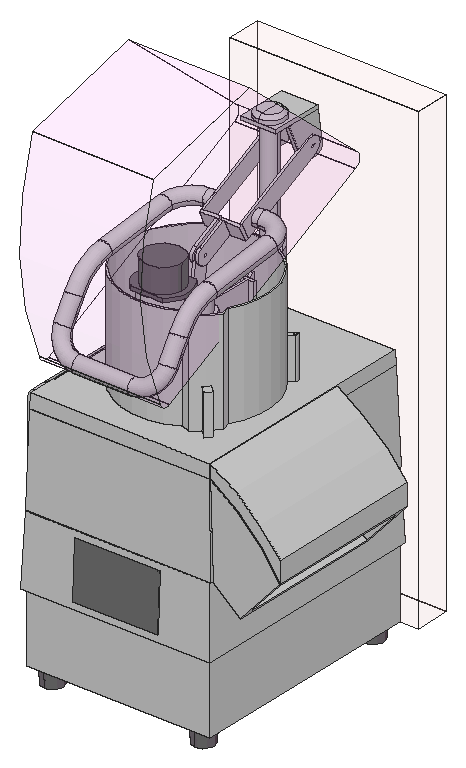
Revit family "Cortadora_CA-4V_1_GENERADO", category Equipos especializados, Revit 2020
Family settings
  Cota de conector redondo = Diámetro de uso
  Tipo de pieza = Normal
  Número OmniClass = 23.21.21.31.19.11
  Se basa en plano de trabajo = No
  Siempre vertical = Sí
  Corte con vacíos al cargar = No
  Compartido = No
  Punto de cálculo de habitación = No
Parameters (values of type "Vegetable preparation machine CA-4V 230/50-60/1")
  Width = 391 mm
  Weight in Pounds = 59.5
  Watts = 1500 W
  Volts = 230 V
  URL Cutsheet = "http://www.sammic.com/dl/453460/be1a3/ps-en-1050796-vegetable-preparation-machine-ca-4v.pdf"
  URL = "https://www.sammic.com/model/1050796"
  Specification by Manufacturer = "Variable speed motor block + high-production head.\nEquipped with \"brushless\" technology."
  Show Logo [instance] = yes
  Show Clearances [instance] = yes
  Revision Code = "1"
  Phase = 1
  Modelo = "1050796"
  Height = 652 mm
  HP = "2.01"
  Foodservice Equipment Identifier = yes
  Fabricante = "SAMMIC S.L."
  FL Amps = 10 A
  Elevación por defecto = 0 mm
  Descripción = "Vegetable preparation machine CA-4V 230/50-60/1"
  Depth = 400 mm
  Cycle = 50 Hz
  Conn Plug = "EU (SCHUKO 2P+G)"
  Comentarios de tipo = "High-production commercial vegetable preparation machine, up to 650 Kg."
Types (4, lengths in mm): name | Watts | Volts | URL Cutsheet | URL | Phase | Modelo | HP | FL Amps | Descripción | Cycle | Conn Plug
  (no name) | 1500 W | 230 V | "http://www.sammic.com/dl/453460/be1a3/ps-en-1050796-vegetable-preparation-machine-ca-4v.pdf" | "https://www.sammic.com/model/1050796" | 1 | "1050796" | "2.01" | 10 A | "Vegetable preparation machine CA-4V 230/50-60/1" | 50 Hz | "EU (SCHUKO 2P+G)"
  Vegetable preparation machine CA-4V 230/50-60/1 | 1500 W | 230 V | "http://www.sammic.com/dl/453460/be1a3/ps-en-1050796-vegetable-preparation-machine-ca-4v.pdf" | "https://www.sammic.com/model/1050796" | 1 | "1050796" | "2.01" | 10 A | "Vegetable preparation machine CA-4V 230/50-60/1" | 50 Hz | "EU (SCHUKO 2P+G)"
  Vegetable preparation machine CA-4V 120/50-60/1 | 0 W | 120 V | "http://www.sammic.com/dl/454809/d5153/ps-en-1050799-vegetable-preparation-machine-ca-4v.pdf" | "https://www.sammic.com/model/1050799" | 1 | "1050799" | "" | 15 A | "Vegetable preparation machine CA-4V 120/50-60/1" | 60 Hz | "USA (NEMA 5-15P / 2P+G)"
  Vegetable preparation machine CA-4V 230/50-60/1 KSA | 1500 W | 0 V | "http://www.sammic.com/dl/470760/fc89e/ps-en-1050765-ca-4v.pdf" | "https://www.sammic.com/model/1050765" | 0 | "1050765" | "2.01" | 0 A | "Vegetable preparation machine CA-4V 230/50-60/1 KSA" | 0 Hz | ""
Reference planes
  plane 1 "Centro (Frontal/Posterior)": y = 0
  plane 2: z = 0
  plane 3 "Centro (Izquierda/Derecha)": x = 0
  plane 4: x = 357.084
  plane 5: x = -19.1
  plane 6: y = 28.8
  plane 7: through (4267.2, -357.37, 435.938) normal (0, -0.4258, 0.9048)
Forms (mm)
  Extrusion 1, solid
    sketch origin (0, 0, 0) x (1, 0, 0) y (0, 1, 0)
      loop
        line (0, 0) -> (0, -336.5) -> (259.8, -336.5) -> (259.8, 0) -> (0, 0)
    from 21 to 120
  Revolve 2, solid
    sketch origin (23, 0, 0) x (0, 1, 0) y (0, 0, 1)
      loop
        line (-335, 21) -> (-333.5, 0) -> (-319, 0) -> (-319, 21) -> (-335, 21)
      axis (-319, 21) -> (-319, 0)
    angle from 0 to 360
  Revolve 3, solid
    sketch origin (236.8, 0, 0) x (0, 1, 0) y (0, 0, 1)
      loop
        line (-335, 21) -> (-333.5, 0) -> (-319, 0) -> (-319, 21) -> (-335, 21)
      axis (-319, 21) -> (-319, 0)
    angle from 0 to 360
  Revolve 4, solid
    sketch origin (236.8, 301.5, 0) x (0, 1, 0) y (0, 0, 1)
      loop
        line (-335, 21) -> (-333.5, 0) -> (-319, 0) -> (-319, 21) -> (-335, 21)
      axis (-319, 21) -> (-319, 0)
    angle from 0 to 360
  Revolve 5, solid
    sketch origin (23, 301.5, 0) x (0, 1, 0) y (0, 0, 1)
      loop
        line (-335, 21) -> (-333.5, 0) -> (-319, 0) -> (-319, 21) -> (-335, 21)
      axis (-319, 21) -> (-319, 0)
    angle from 0 to 360
  Extrusion 6, solid
    sketch origin (0, 0, 0) x (0, 1, 0) y (0, 0, 1)
      loop
        line (-337.559, 209.463) -> (-338.558, 209.506) -> (-341.99, 129.58) -> (-340.991, 129.537) -> (-337.559, 209.463)
    from 69.9 to 189.9
  Revolve 7, solid
    sketch origin (0, 0, 157) x (1, 0, 0) y (0, 1, 0)
      loop
        line (211.45, 2.8) -> (224.95, 2.8) -> (224.95, 28.8) -> (211.45, 28.8) -> (211.45, 2.8)
      axis (224.95, 28.8) -> (224.95, 2.8)
    angle from 0 to 360
  Extrusion 8, solid
    sketch origin (26.882, -11.283, 5.525) x (1, 0, 0) y (0, 1, 0)
      loop
        circle (103.652, -246.7) r 27.4
    from 510.225 to 549.225
  Extrusion 9, solid
    sketch origin (377.233, -154.331, 5.525) x (0, -1, 0) y (1, 0, 0)
      loop
        arc (74.652, -269.678) -> (103.652, -283.7) -> (132.652, -269.678) r 37
        line (132.652, -269.678) -> (132.652, -223.721)
        arc (132.652, -223.721) -> (103.652, -209.7) -> (74.652, -223.721) r 37
        line (74.652, -223.721) -> (74.652, -269.678)
      loop
        circle (103.652, -246.7) r 27.4
    from 510.225 to 515.225
  Extrusion 10, solid
    sketch origin (0, 0, 0) x (0, 1, 0) y (0, 0, 1)
      loop
        line (-184.25, 195) -> (-184.25, 219) -> (-214.25, 219) -> (-214.25, 195) -> (-211.25, 195) -> (-211.25, 216) -> (-187.25, 216) -> (-187.25, 195) -> (-184.25, 195)
    from -19.1 to -1.647
  Extrusion 11, solid
    sketch origin (0, 0, 0) x (0, 1, 0) y (0, 0, 1)
      loop
        line (-7.849, 596.091) -> (-15.249, 643.55) -> (-66.749, 643.55) -> (-43.086, 590.478)
        arc (-43.086, 590.478) -> (-39.397, 586.162) -> (-33.953, 584.55) r 10
        line (-33.953, 584.55) -> (-17.73, 584.55)
        arc (-17.73, 584.55) -> (-10.133, 588.046) -> (-7.849, 596.091) r 10
      loop
        circle (-28.249, 603.55) r 6.125
    from 150.534 to 155.534
  Extrusion 12, solid
    sketch origin (-45, 0, 0) x (0, 1, 0) y (0, 0, 1)
      loop
        line (-7.849, 596.091) -> (-15.249, 643.55) -> (-66.749, 643.55) -> (-43.086, 590.478)
        arc (-43.086, 590.478) -> (-39.397, 586.162) -> (-33.953, 584.55) r 10
        line (-33.953, 584.55) -> (-17.73, 584.55)
        arc (-17.73, 584.55) -> (-10.133, 588.046) -> (-7.849, 596.091) r 10
      loop
        circle (-28.249, 603.55) r 6.125
    from 150.534 to 155.534
  Extrusion 13, solid
    sketch origin (0, 0, 0) x (0, 1, 0) y (0, 0, 1)
      loop
        line (-88.249, 643.55) -> (-15.249, 643.55) -> (-15.249, 648.55) -> (-88.249, 648.55) -> (-88.249, 643.55)
    from 105.534 to 155.534
  Extrusion 14, solid
    sketch origin (0, 0, 0) x (1, 0, 0) y (0, 1, 0)
      loop
        circle (130.468, -67.749) r 17.5
    from 483.65 to 495.65
  Extrusion 15, solid
    sketch origin (0, 0, 0) x (1, 0, 0) y (0, 1, 0)
      loop
        circle (130.534, -67.749) r 11
    from 495.65 to 643.55
  Revolve 16, solid
    sketch origin (130.468, 0, 0) x (0, 1, 0) y (0, 0, 1)
      loop
        line (-67.749, 658.55) -> (-67.749, 648.55) -> (-47.749, 648.55) -> (-47.749, 653.55) -> (-52.749, 658.55) -> (-67.749, 658.55)
      axis (-67.749, 658.55) -> (-67.749, 648.55)
    angle from 0 to 360
  Extrusion 17, solid
    sketch origin (0, 0, 0) x (0, 1, 0) y (0, 0, 1)
      loop
        arc (-369.948, 444.226) -> (-363.793, 436.882) -> (-354.21, 436.903) r 11.305
        line (-354.21, 436.903) -> (-24.343, 592.126)
        arc (-24.343, 592.126) -> (-16.044, 600.706) -> (-19.741, 612.056) r 11.573
        line (-19.741, 612.056) -> (-211.539, 778.246) -> (-381.288, 735.859)
        arc (-381.288, 735.859) -> (-404.982, 588.901) -> (-369.948, 444.226) r 377.017
    from 45.047 to 216.86
  Extrusion 18, solid
    sketch origin (0, 0, 0) x (0, 1, 0) y (0, 0, 1)
      loop
        line (28.8, 658.55) -> (28.8, 0) -> (78.8, 0) -> (78.8, 658.55) -> (28.8, 658.55)
    from -4.15 to 263.95
Lines and regions (mm)
  symbolic lines, style "200-EquipBorder-2D"
    curve 1: line (238.45, 28.8, 0) -> (211.45, 28.8, 0)
    curve 2: line (211.45, 28.8, 0) -> (211.45, 4.9, 0)
    curve 3: line (211.45, 4.9, 0) -> (-4.15, 4.9, 0)
    curve 4: line (-4.15, 4.9, 0) -> (-4.15, -65.2, 0)
    curve 5: line (-4.15, -65.2, 0) -> (-17.689, -65.2, 0)
    curve 6: line (-17.689, -65.2, 0) -> (-17.689, -85.2, 0)
    curve 7: line (-17.689, -85.2, 0) -> (-4.15, -85.2, 0)
    curve 8: line (-4.15, -85.2, 0) -> (-4.15, -86.2, 0)
    curve 9: line (-4.15, -86.2, 0) -> (-17.689, -86.2, 0)
    curve 10: line (-17.689, -86.2, 0) -> (-17.689, -184.25, 0)
    curve 11: line (-17.689, -184.25, 0) -> (-19.1, -184.25, 0)
    curve 12: line (-19.1, -184.25, 0) -> (-19.1, -214.25, 0)
    curve 13: line (-19.1, -214.25, 0) -> (-17.658, -214.25, 0)
    curve 14: line (-17.658, -214.25, 0) -> (-17.658, -290.7, 0)
    curve 15: line (-17.658, -290.7, 0) -> (-4.15, -290.7, 0)
    curve 16: line (-4.15, -290.7, 0) -> (-4.15, -291.7, 0)
    curve 17: line (-4.15, -291.7, 0) -> (-17.689, -291.7, 0)
    curve 18: line (-17.689, -291.7, 0) -> (-17.689, -311.7, 0)
    curve 19: line (-17.689, -311.7, 0) -> (-4.15, -311.7, 0)
    curve 20: line (-4.15, -311.7, 0) -> (-4.15, -341.4, 0)
    curve 21: line (263.95, -341.4, 0) -> (263.95, -333.216, 0)
    curve 22: line (263.95, -333.216, 0) -> (357.084, -333.216, 0)
    curve 23: line (357.084, -333.216, 0) -> (357.084, -107.816, 0)
    curve 24: line (357.084, -107.816, 0) -> (263.95, -107.816, 0)
    curve 25: line (263.95, -107.816, 0) -> (263.95, 4.9, 0)
    curve 26: line (263.95, 4.9, 0) -> (238.45, 4.9, 0)
    curve 27: line (238.45, 4.9, 0) -> (238.45, 28.8, 0)
    curve 28: line (-4.15, -341.4, 0) -> (45.039, -341.4, 0)
    curve 29: line (263.95, -341.4, 0) -> (216.037, -341.4, 0)
    curve 30: line (90.534, -369.948, 0) -> (170.534, -369.948, 0)
    curve 31: line (45.039, -341.4, 0) -> (58.437, -361.948, 0)
    curve 32: line (58.437, -361.948, 0) -> (90.534, -369.948, 0)
    curve 33: line (216.037, -341.4, 0) -> (170.534, -369.948, 0)
  model lines, style "QF-Door-Drawer_Clearances"
    curve 34: line (45.047, -405.267, 0) -> (216.86, -405.267, 0)
  symbolic lines, style "QF-Clearances"
    curve 35: line (-4.15, 78.8, 0) -> (263.95, 78.8, 0)
Dimensions and locks
  aligned and locked: level to plane 2
Nested families
  nested 1: "Carcasa_CK-35" at (-4.15, 4.9, 0), type "Carcasa_CK-35"
    with Show Logo yes, Show Clearances yes
  nested 2: "CK-35_Cortadora_Entrada" at (0, 0, 0), type "CK-35_Cortadora_Entrada"
    with Show Logo yes, Show Clearances yes
  nested 3: "CA-401_Cortadora_Entrada_Tapa" at (0, 0, 0), type "CA-401_Cortadora_Entrada_Tapa"
    with Show Logo yes, Show Clearances yes
  nested 4: "CA-401_Cortadora_Pisador" at (0, 0, 0), type "CA-401_Cortadora_Pisador"
    with Show Logo yes, Show Clearances yes
  nested 5: "CA-401_Cortadora_Palanca" at (130.534, -209.849, 11.171), type "CA-401_Cortadora_Palanca"
    with Show Logo yes, Show Clearances yes
Connectors
  electrical at (224.95, 2.8, 157)
    settings: on Revolve 7, index 1, voltage 230 V, apparent load 0 VA, apparent load phase1 0 VA, apparent load phase2 0 VA, apparent load phase3 0 VA, power factor 1, load classification "Otro", number of poles 1, system type 31, power factor state 1, is connector primary yes, connector utility no, sub classification motor no, connector description "Conexion electrica"
Definition of nested family "Carcasa_CK-35"
  Parameters
    Show Logo [instance] = yes
    Show Clearances [instance] = yes
    Default Elevation = 0 mm
  Reference planes
    plane 1 "Centro (Frontal/Posterior)": y = 0
    plane 2: z = 0
    plane 3 "Centro (Izquierda/Derecha)": x = 0
    plane 4: x = 134.05
  Forms (mm)
    Extrusion 1, solid
      sketch origin (0, 0, 0) x (1, 0, 0) y (0, 1, 0)
        loop
          line (0, 0) -> (0, -346.3) -> (268.1, -346.3) -> (268.1, 0) -> (0, 0)
      from 120 to 219
    Extrusion 2, void
      sketch origin (0, 0, 0) x (0, 1, 0) y (0, 0, 1)
        loop
          line (-347.3, 120) -> (-346.3, 120) -> (-342.05, 219) -> (-342.05, 220) -> (-347.3, 220) -> (-347.3, 120)
        loop
          line (0, 120) -> (1, 120) -> (1, 220) -> (-4.25, 220) -> (-4.25, 219) -> (0, 120)
      from 0 to 268.1
    Extrusion 3, void
      sketch origin (0, 0, 0) x (1, 0, 0) y (0, 0, 1)
        loop
          line (-1, 120) -> (0, 120) -> (3.55, 219) -> (3.55, 220) -> (-1, 220) -> (-1, 120)
        loop
          line (268.1, 120) -> (269.1, 120) -> (269.1, 220) -> (264.55, 220) -> (264.55, 219) -> (268.1, 120)
      from 0 to 347.3
    Extrusion 4, solid
      sketch origin (0, 0, 0) x (1, 0, 0) y (0, 1, 0)
        loop
          circle (134.05, -204.15) r 97
      from 219 to 231.5
  Cuts and joins
    Extrusion 2, Extrusion 3 cuts Extrusion 1
  Dimensions and locks
    aligned and locked: level to plane 2
Definition of nested family "CK-35_Cortadora_Entrada"
  Parameters
    Show Logo [instance] = yes
    Show Clearances [instance] = yes
    Default Elevation = 0 mm
  Reference planes
    plane 1 "Centro (Frontal/Posterior)": y = 0
    plane 2: z = 0
    plane 3 "Centro (Izquierda/Derecha)": x = 0
    plane 4: z = 219
  Forms (mm)
    Extrusion 1, solid
      sketch origin (0, 0, 0) x (1, 0, 0) y (0, 1, 0)
        loop
          line (-1.6, 0.5) -> (-1.6, -337) -> (261.4, -337) -> (261.4, 0.5) -> (-1.6, 0.5)
      from 219 to 348
    Extrusion 2, void
      sketch origin (0, 0, 0) x (1, 0, 0) y (0, 0, 1)
        loop
          line (2.9, 367.3) -> (2.9, 368.3) -> (-2.6, 368.3) -> (-2.6, 218) -> (-1.6, 218) -> (-1.6, 219) -> (2.9, 367.3)
        loop
          line (256.9, 368.3) -> (256.9, 367.3) -> (261.4, 219) -> (261.4, 218) -> (262.4, 218) -> (262.4, 368.3) -> (256.9, 368.3)
      from 0 to 337
    Extrusion 3, void
      sketch origin (0, 0, 0) x (0, 1, 0) y (0, 0, 1)
        loop
          line (-332.65, 367.3) -> (-332.65, 368.3) -> (-338, 368.3) -> (-338, 218) -> (-337, 218) -> (-337, 219) -> (-332.65, 367.3)
        loop
          line (-3.85, 367.3) -> (0, 219) -> (0, 218) -> (1.5, 218) -> (1.5, 368.3) -> (-3.85, 368.3) -> (-3.85, 367.3)
      from -1.6 to 261.4
    Extrusion 4, solid
      sketch origin (0, 0, 0) x (1, 0, 0) y (0, 0, 1)
        loop
          line (261.4, 219) -> (301, 185.8) -> (357.084, 248.401)
          arc (357.084, 248.401) -> (313.501, 304.417) -> (257.486, 348) r 286.5
          line (257.486, 348) -> (261.4, 219)
      from 107.816 to 333.216
    Extrusion 5, void
      sketch origin (0, 0, 0) x (1, 0, 0) y (0, 0, 1)
        loop
          line (262.77, 338.706) -> (266.33, 221.392) -> (308.172, 186.312) -> (356.653, 240.426)
          arc (356.653, 240.426) -> (315.239, 294.846) -> (262.77, 338.706) r 305.9
      from 112.816 to 328.216
    Extrusion 6, solid
      sketch origin (0, 0, 0) x (1, 0, 0) y (0, 0, 1)
        loop
          line (-0.426, 257.7) -> (2.314, 348)
          arc (2.314, 348) -> (-7.687, 358.002) -> (-17.689, 348) r 10.002
          line (-17.689, 348) -> (-17.689, 282.8) -> (-0.426, 257.7)
        loop
          circle (-7.687, 348) r 5
      from 291.7 to 311.7
    Extrusion 7, solid
      sketch origin (0, 231.5, 0) x (1, 0, 0) y (0, 0, 1)
        loop
          line (-0.426, 257.7) -> (2.314, 348)
          arc (2.314, 348) -> (-7.687, 358.002) -> (-17.689, 348) r 10.002
          line (-17.689, 348) -> (-17.689, 282.8) -> (-0.426, 257.7)
        loop
          circle (-7.687, 348) r 5
      from 296.7 to 316.7
  Cuts and joins
    Extrusion 2, Extrusion 3 cuts Extrusion 1
    Extrusion 5 cuts Extrusion 4
  Dimensions and locks
    aligned and locked: level to plane 2
Definition of nested family "CA-401_Cortadora_Entrada_Tapa"
  Parameters
    Show Logo [instance] = yes
    Show Clearances [instance] = yes
    Default Elevation = 0 mm
  Reference planes
    plane 1 "Centro (Frontal/Posterior)": y = 0
    plane 2: z = 0
    plane 3 "Centro (Izquierda/Derecha)": x = 0
    plane 4: z = 348
    plane 5: y = -198.591
    plane 6: x = 130.468
  Forms (mm)
    Extrusion 1, solid
      sketch origin (0, 0, 0) x (1, 0, 0) y (0, 1, 0)
        loop
          line (-1.6, 0.5) -> (-1.6, -337) -> (261.4, -337) -> (261.4, 0.5) -> (-1.6, 0.5)
      from 348 to 367.3
    Extrusion 2, void
      sketch origin (0, 0, 0) x (1, 0, 0) y (0, 0, 1)
        loop
          line (2.9, 367.3) -> (2.9, 368.3) -> (-2.6, 368.3) -> (-2.6, 218) -> (-1.6, 218) -> (-1.6, 219) -> (2.9, 367.3)
        loop
          line (256.9, 368.3) -> (256.9, 367.3) -> (261.4, 219) -> (261.4, 218) -> (262.4, 218) -> (262.4, 368.3) -> (256.9, 368.3)
      from 0 to 337
    Extrusion 3, void
      sketch origin (0, 0, 0) x (0, 1, 0) y (0, 0, 1)
        loop
          line (-332.65, 367.3) -> (-332.65, 368.3) -> (-338, 368.3) -> (-338, 348) -> (-337, 348) -> (-337, 219) -> (-332.65, 367.3)
        loop
          line (-3.85, 367.3) -> (0, 219) -> (0, 218) -> (1.5, 218) -> (1.5, 368.3) -> (-3.85, 368.3) -> (-3.85, 367.3)
      from -1.6 to 261.4
    Extrusion 4, solid
      sketch origin (0, 0, 0) x (1, 0, 0) y (0, 0, 1)
        loop
          line (256.9, 367.3) -> (257.486, 348)
          arc (257.486, 348) -> (313.501, 304.417) -> (357.084, 248.401) r 286.5
          line (357.084, 248.401) -> (357.084, 278.8)
          arc (357.084, 278.8) -> (311.937, 328.648) -> (256.9, 367.3) r 302.8
      from 107.816 to 332.65
    Extrusion 5, solid
      sketch origin (0, 0, 0) x (1, 0, 0) y (0, 0, 1)
        loop
          line (2.9, 367.3) -> (-13.313, 356.269)
          arc (-13.313, 356.269) -> (-12.365, 339.16) -> (2.314, 348) r 10.002
          line (2.314, 348) -> (2.9, 367.3)
        loop
          circle (-7.687, 348) r 5
      from 86.2 to 290.7
    Extrusion 6, solid
      sketch origin (0, 0, 0) x (1, 0, 0) y (0, 1, 0)
        loop
          arc (191.103, -287.292) -> (205.777, -275.226) -> (218.097, -260.765) r 107.445
          line (218.097, -260.765) -> (215.183, -249.496)
          arc (215.183, -249.496) -> (61.195, -128.099) -> (179.886, -284.181) r 98.832
          line (179.886, -284.181) -> (191.103, -287.292)
        loop
          arc (216.86, -249.939) -> (60.026, -126.909) -> (180.301, -285.866) r 100.5
          line (180.301, -285.866) -> (192.689, -289.302)
          arc (192.689, -289.302) -> (207.568, -277.049) -> (220.079, -262.387) r 110
          line (220.079, -262.387) -> (216.86, -249.939)
      from 367.3 to 513.684
    Extrusion 7, solid
      sketch origin (0, 0, 0) x (1, 0, 0) y (0, 1, 0)
        loop
          circle (130.468, -67.749) r 12.1
        loop
          line (126.449, -84.346) -> (126.449, -98.171)
          arc (126.449, -98.171) -> (130.468, -98.091) -> (134.486, -98.171) r 100.5
          line (134.486, -98.171) -> (134.486, -84.346)
          arc (134.486, -84.346) -> (130.468, -50.673) -> (126.449, -84.346) r 17.076
        loop
          circle (211.568, -124.276) r 2.009
        loop
          line (208.848, -121.308) -> (201.785, -127.78)
          arc (201.785, -127.78) -> (204.564, -130.694) -> (207.225, -133.717) r 100.5
          line (207.225, -133.717) -> (214.288, -127.244)
          arc (214.288, -127.244) -> (214.536, -121.556) -> (208.848, -121.308) r 4.026
        loop
          line (214.656, -291.323) -> (221.848, -284.131) -> (211.115, -273.398)
          arc (211.115, -273.398) -> (207.57, -277.046) -> (203.86, -280.527) r 110
          line (203.86, -280.527) -> (214.656, -291.323)
      from 367.3 to 424.3
  Cuts and joins
    Extrusion 2, Extrusion 3 cuts Extrusion 1
  Dimensions and locks
    aligned and locked: level to plane 2
Definition of nested family "CA-401_Cortadora_Pisador"
  Parameters
    Show Logo [instance] = yes
    Show Clearances [instance] = yes
    Default Elevation = 0 mm
  Reference planes
    plane 1 "Centro (Frontal/Posterior)": y = 0
    plane 2: z = 0
    plane 3 "Centro (Izquierda/Derecha)": x = 0
  Forms (mm)
    Extrusion 1, solid
      sketch origin (0, 0, 0) x (1, 0, 0) y (0, 1, 0)
        loop
          arc (146.25, -220.283) -> (148.839, -218.139) -> (151.14, -215.687) r 26.826
          arc (151.14, -215.687) -> (154.034, -214.24) -> (157.051, -215.408) r 4
          line (157.051, -215.408) -> (201.569, -259.925)
          arc (201.569, -259.925) -> (64.747, -131.524) -> (190.349, -270.92) r 93.9
          line (190.349, -270.92) -> (161.416, -241.988)
          arc (161.416, -241.988) -> (155.088, -233.321) -> (146.421, -226.993) r 34.818
          line (146.421, -226.993) -> (145.775, -226.346)
          arc (145.775, -226.346) -> (144.615, -223.205) -> (146.25, -220.283) r 4
        loop
          circle (130.52, -257.976) r 27.619
      from 367.3 to 375.3
    Extrusion 2, solid
      sketch origin (0, 0, 0) x (1, 0, 0) y (0, 1, 0)
        loop
          circle (130.52, -257.976) r 27.603
        loop
          circle (130.534, -257.94) r 30.298
      from 380.15 to 515.75
    Extrusion 3, solid
      sketch origin (0, 0, 0) x (1, 0, 0) y (0, 1, 0)
        loop
          arc (129.004, -174.026) -> (130.468, -223.2) -> (131.932, -174.026) r 24.609
          line (131.932, -174.026) -> (131.932, -108.629) -> (139.817, -108.629) -> (139.817, -105.143)
          arc (139.817, -105.143) -> (130.467, -104.691) -> (121.118, -105.173) r 93.859
          line (121.118, -105.173) -> (121.118, -108.629) -> (129.004, -108.629) -> (129.004, -174.026)
      from 380.15 to 459.15
    Extrusion 4, solid
      sketch origin (0, 0, 0) x (1, 0, 0) y (0, 1, 0)
        loop
          arc (201.702, -259.993) -> (64.757, -131.545) -> (190.45, -271.022) r 93.961
          line (190.45, -271.022) -> (161.416, -241.988)
          arc (161.416, -241.988) -> (155.088, -233.321) -> (146.421, -226.993) r 34.818
          line (146.421, -226.993) -> (145.773, -226.345)
          arc (145.773, -226.345) -> (144.614, -223.203) -> (146.251, -220.28) r 4
          arc (146.251, -220.28) -> (148.855, -218.124) -> (151.167, -215.656) r 26.743
          arc (151.167, -215.656) -> (154.061, -214.205) -> (157.081, -215.372) r 4
          line (157.081, -215.372) -> (201.702, -259.993)
        loop
          circle (130.52, -257.976) r 27.603
        loop
          circle (130.407, -257.983) r 30.432
        loop
          arc (144.983, -218.571) -> (147.392, -216.576) -> (149.529, -214.293) r 24.7
          arc (149.529, -214.293) -> (153.871, -212.115) -> (158.403, -213.865) r 6
          line (158.403, -213.865) -> (201.771, -257.233)
          arc (201.771, -257.233) -> (216.489, -232.097) -> (222.634, -203.625) r 92.237
          line (222.634, -203.625) -> (209.099, -203.625) -> (209.099, -193.557) -> (222.628, -193.557)
          arc (222.628, -193.557) -> (204.155, -143.081) -> (160.679, -111.474) r 92.237
          line (160.679, -111.474) -> (144.728, -111.474) -> (139.817, -108.629) -> (121.118, -108.629) -> (116.208, -111.474) -> (100.386, -111.474)
          arc (100.386, -111.474) -> (56.91, -143.08) -> (38.436, -193.557) r 92.237
          line (38.436, -193.557) -> (51.837, -193.557) -> (51.837, -203.625) -> (38.43, -203.625)
          arc (38.43, -203.625) -> (92.55, -282.698) -> (187.66, -271.06) r 92.237
          line (187.66, -271.06) -> (163.484, -246.884) -> (159.568, -242.968)
          arc (159.568, -242.968) -> (153.6, -234.79) -> (145.421, -228.821) r 32.8
          line (145.421, -228.821) -> (144.267, -227.668)
          arc (144.267, -227.668) -> (142.528, -222.954) -> (144.983, -218.571) r 6
      from 375.3 to 380.15
    Extrusion 5, solid
      sketch origin (0, 0, 225) x (1, 0, 0) y (0, 1, 0)
        loop
          circle (130.468, -67.749) r 12.1
        loop
          circle (130.468, -67.749) r 17.076
      from 199.3 to 258.65
    Extrusion 6, solid
      sketch origin (0, 0, 0) x (1, 0, 0) y (0, 0, 1)
        loop
          line (51.837, 380.15) -> (51.837, 375.3) -> (105.859, 375.3) -> (105.859, 401.3) -> (51.837, 380.15)
        loop
          line (155.077, 401.3) -> (155.077, 375.3) -> (209.099, 375.3) -> (209.099, 380.15) -> (155.077, 401.3)
      from 196.083 to 201.091
    Extrusion 7, solid
      sketch origin (0, 0, 0) x (0, 1, 0) y (0, 0, 1)
        loop
          line (-84.826, 483.65) -> (-104.656, 459.15) -> (-104.656, 424.3) -> (-84.826, 424.3) -> (-84.826, 483.65)
      from 127.968 to 132.968
    Revolve 8, solid
      sketch origin (130.468, 0, 0) x (0, 1, 0) y (0, 0, 1)
        loop
          line (-217.613, 459.15) -> (-198.613, 459.15) -> (-198.613, 483.65) -> (-213.113, 483.65) -> (-213.113, 478.65) -> (-217.613, 478.65) -> (-217.613, 459.15)
        axis (-198.613, 483.65) -> (-198.613, 459.15)
      angle from 0 to 360
    Extrusion 9, void
      sketch origin (130.468, 0, 459.15) x (1, 0, 0) y (0, 1, 0)
        loop
          line (-2.4, -213.313) -> (2.4, -213.313) -> (2.4, -183.913) -> (-2.4, -183.913) -> (-2.4, -213.313)
      from 19.5 to 25
  Cuts and joins
    Extrusion 9 cuts Revolve 8
  Dimensions and locks
    aligned and locked: level to plane 2
Definition of nested family "CA-401_Cortadora_Palanca"
  Parameters
    Show Logo [instance] = yes
    Show Clearances [instance] = yes
    Default Elevation = 0 mm
  Reference planes
    plane 1 "Centro (Frontal/Posterior)": y = 0
    plane 2: z = 0
    plane 3 "Centro (Izquierda/Derecha)": x = 0
  Forms (mm)
    Sweep 1, solid
      path origin (0, -112.778, 496.845) x (1, 0, 0) y (0, 0.510843, 0.859674)
        loop
          line (-74.5, 0) -> (-74.5, -36.14)
          arc (-74.5, -36.14) -> (-64.249, -60.889) -> (-39.5, -71.14) r 35
          line (-39.5, -71.14) -> (39.5, -71.14)
          arc (39.5, -71.14) -> (64.249, -60.889) -> (74.5, -36.14) r 35
          line (74.5, -36.14) -> (74.5, 0)
      profile origin (-74.5, -122.009, 481.31) x (1, 0, 0) y (0, -0.859674, 0.510843)
        loop
          circle (0, 0) r 11
    Sweep 2, solid
      path origin (0, -59.918, 530.702) x (1, 0, 0) y (0, 0.994522, 0.104528)
        loop
          line (-74.5, 0) -> (-74.5, 107.8)
          arc (-74.5, 107.8) -> (-64.249, 132.549) -> (-39.5, 142.8) r 35
          line (-39.5, 142.8) -> (-29, 142.8)
      profile origin (-74.5, -6.313, 536.336) x (-1, 0, 0) y (0, -0.104528, 0.994522)
        loop
          circle (0, 0) r 11
    Sweep 3, solid
      path origin (0, -59.918, 530.702) x (1, 0, 0) y (0, 0.994522, 0.104528)
        loop
          line (74.5, 0) -> (74.5, 107.8)
          arc (74.5, 107.8) -> (64.249, 132.549) -> (39.5, 142.8) r 35
          line (39.5, 142.8) -> (29, 142.8)
      profile origin (74.5, -6.313, 536.336) x (-1, 0, 0) y (0, -0.104528, 0.994522)
        loop
          circle (0, 0) r 11
    Sweep 4, solid
      path origin (0, -90.356, 520.031) x (0, 0.842076, 0.539359) y (0, -0.539359, 0.842076)
        loop
          arc (31.387, -7.431) -> (0, 0) -> (-31.387, -7.431) r 70
      profile origin (0, -90.356, 520.031) x (0, 0.539359, -0.842076) y (1, 0, 0)
        loop
          circle (0, 74.5) r 11
    Sweep 5, solid
      path origin (-149, -90.356, 520.031) x (0, 0.842076, 0.539359) y (0, -0.539359, 0.842076)
        loop
          arc (31.387, -7.431) -> (0, 0) -> (-31.387, -7.431) r 70
      profile origin (-149, -90.356, 520.031) x (0, 0.539359, -0.842076) y (1, 0, 0)
        loop
          circle (0, 74.5) r 11
    Extrusion 6, solid
      sketch origin (0, -575.044, 554.813) x (0, 0.165564, 0.986199) y (0, -0.986199, 0.165564)
        loop
          line (10, -602.379) -> (60, -602.379)
          arc (60, -602.379) -> (70, -592.379) -> (60, -582.379) r 10
          line (60, -582.379) -> (10, -582.379)
          arc (10, -582.379) -> (0, -592.379) -> (10, -602.379) r 10
        loop
          circle (10, -592.379) r 3
        loop
          circle (60, -592.379) r 5
      from -2 to 2
    Extrusion 7, solid
      sketch origin (0, -68.813, 1129.231) x (1, 0, 0) y (0, -0.904827, -0.425779)
        loop
          line (-29, 138.7) -> (-29, 134.7) -> (-2, 134.7) -> (-2, 138.7) -> (-29, 138.7)
      from 580.379 to 604.379
    Extrusion 8, solid
      sketch origin (31, -68.813, 1129.231) x (1, 0, 0) y (0, -0.904827, -0.425779)
        loop
          line (-29, 138.7) -> (-29, 134.7) -> (-2, 134.7) -> (-2, 138.7) -> (-29, 138.7)
      from 580.379 to 604.379
    Extrusion 9, solid
      sketch origin (31, -68.813, 1129.231) x (0, -0.904827, -0.425779) y (0, 0.425779, -0.904827)
        loop
          line (138.7, 604.379) -> (138.7, 580.379) -> (181.6, 580.379)
          arc (181.6, 580.379) -> (193.6, 592.379) -> (181.6, 604.379) r 12
          line (181.6, 604.379) -> (138.7, 604.379)
        loop
          circle (181.6, 592.379) r 3
      from -29 to -25
    Extrusion 10, solid
      sketch origin (23, -68.813, 1129.231) x (0, -0.904827, -0.425779) y (0, 0.425779, -0.904827)
        loop
          line (138.7, 604.379) -> (138.7, 580.379) -> (181.6, 580.379)
          arc (181.6, 580.379) -> (193.6, 592.379) -> (181.6, 604.379) r 12
          line (181.6, 604.379) -> (138.7, 604.379)
        loop
          circle (181.6, 592.379) r 3
      from -29 to -25
    Extrusion 11, solid
      sketch origin (31, -68.813, 1129.231) x (0, -0.904827, -0.425779) y (0, 0.425779, -0.904827)
        loop
          line (134.7, 604.379) -> (2, 604.379)
          arc (2, 604.379) -> (-10, 592.379) -> (2, 580.379) r 12
          line (2, 580.379) -> (134.7, 580.379) -> (134.7, 604.379)
        loop
          circle (2, 592.379) r 3
      from -6 to -2
    Extrusion 12, solid
      sketch origin (-23, -68.813, 1129.231) x (0, -0.904827, -0.425779) y (0, 0.425779, -0.904827)
        loop
          line (134.7, 604.379) -> (2, 604.379)
          arc (2, 604.379) -> (-10, 592.379) -> (2, 580.379) r 12
          line (2, 580.379) -> (134.7, 580.379) -> (134.7, 604.379)
        loop
          circle (2, 592.379) r 3
      from -6 to -2
  Dimensions and locks
    aligned and locked: level to plane 2
